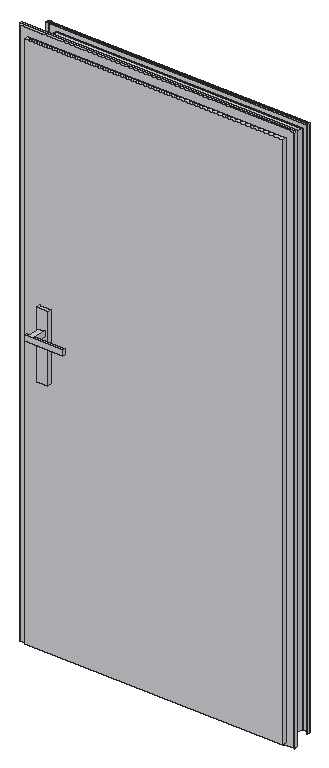
Revit family "ROMA_podwojne_St", category Drzwi, Revit 2016
Family settings
  Obiekt nadrzędny = Ściana
  Zawsze pionowo = Tak
  Tnij formami wycięć po wczytaniu = Nie
  Współdzielony = Nie
  Punkt obliczania pomieszczeń = Nie
Parameters (values of type "PN 90")
  Wysokość = 2055 mm
  Zakończenie ściany = Wg obiektu nadrzędnego
  URL = "www.porta.com.pl"
  Szerokość = 1000 mm
  Ss = 968 mm
  Sb = 980 mm
  Producent = "PORTA KMI POLAND"  # constant formula
  Description = ""
  Materiał_skrzydło [instance] = none
  Materiał_ościeżnica [instance] = none
  Materiał_klamka [instance] = none
  Konstrukcja analityczna = "<Brak>"
  Informacja = "Własność Porta KMI Poland, wszelkie prawa zastrzeżone."  # constant formula
  Hs = 2030 mm
  Funkcja = Wewnętrzna
Types (3, lengths in mm): name | Szerokość | Ss | Sb
  PN 80 | 900 | 868 | 880
  PN 90 | 1000 | 968 | 980
  PN 100 | 1100 | 1068 | 1080
Reference planes
  plane 1: y = 0
  plane 2 "Środek (Lewa/Prawa)": x = 0
  plane 3 "Lewy": x = -500
  plane 4 "Prawy": x = 500
  plane 5: z = 2055
  plane 6 "Zewnętrzna": y = 75
  plane 7 "Wewnętrzna": y = -75
  plane 8 "skrzydło": y = -57
  plane 9: x = -490
Forms (mm)
  Sweep 1, solid, material <- "Materiał_ościeżnica"
    path in 3D
      loop
        line (-500, -75, 0) -> (-500, -75, 2055) -> (500, -75, 2055) -> (500, -75, 0)
    profile origin (-500, -75, 1027.5) x (0, -1, 0) y (1, 0, 0)
      loop
        arc (9.5, -15) -> (11.268, -14.268) -> (12, -12.5) r 2.5
        line (12, -12.5) -> (12, 22.5)
        arc (12, 22.5) -> (11.268, 24.268) -> (9.5, 25) r 2.5
        line (9.5, 25) -> (-31.505, 25)
        arc (-31.505, 25) -> (-32.212, 25.293) -> (-32.505, 26) r 1
        line (-32.505, 26) -> (-32.505, 34.5)
        arc (-32.505, 34.5) -> (-32.212, 35.207) -> (-31.505, 35.5) r 1
        line (-31.505, 35.5) -> (-24.255, 35.5)
        arc (-24.255, 35.5) -> (-22.005, 37.75) -> (-24.255, 40) r 2.25
        line (-24.255, 40) -> (-89.5, 40)
        arc (-89.5, 40) -> (-91.268, 39.268) -> (-92, 37.5) r 2.5
        line (-92, 37.5) -> (-92, 12.5)
        arc (-92, 12.5) -> (-91.268, 10.732) -> (-89.5, 10) r 2.5
        line (-89.5, 10) -> (-80, 10) -> (-80, 11.2) -> (-89.5, 11.2)
        arc (-89.5, 11.2) -> (-90.419, 11.581) -> (-90.8, 12.5) r 1.3
        line (-90.8, 12.5) -> (-90.8, 37.5)
        arc (-90.8, 37.5) -> (-90.419, 38.419) -> (-89.5, 38.8) r 1.3
        line (-89.5, 38.8) -> (-24.255, 38.8)
        arc (-24.255, 38.8) -> (-23.205, 37.75) -> (-24.255, 36.7) r 1.05
        line (-24.255, 36.7) -> (-31.505, 36.7)
        arc (-31.505, 36.7) -> (-33.06, 36.056) -> (-33.705, 34.5) r 2.2
        line (-33.705, 34.5) -> (-33.705, 26)
        arc (-33.705, 26) -> (-33.06, 24.444) -> (-31.505, 23.8) r 2.2
        line (-31.505, 23.8) -> (9.5, 23.8)
        arc (9.5, 23.8) -> (10.419, 23.419) -> (10.8, 22.5) r 1.3
        line (10.8, 22.5) -> (10.8, -12.5)
        arc (10.8, -12.5) -> (10.419, -13.419) -> (9.5, -13.8) r 1.3
        line (9.5, -13.8) -> (0, -13.8) -> (0, -15) -> (9.5, -15)
Lines and regions (mm)
  Opening 1
    outline origin (-3050, -75, 0) x (1, 0, 0) y (0, 0, 1)
      loop
        line (2550, 0) -> (3550, 0) -> (3550, 2055) -> (2550, 2055) -> (2550, 0)
  symbolic lines, style "DoorsPanelProjection"
    curve 1: line (484, -75, 0) -> (484, -1043, 0)
    curve 2: line (484, -1043, 0) -> (439, -1043, 0)
    curve 3: line (439, -1043, 0) -> (439, -75, 0)
    curve 4: line (439, -75, 0) -> (484, -75, 0)
  symbolic lines, style "Plan Swing"
    curve 5: arc (-484, -75, 0) -> (-200.479, -759.479, 0) -> (484, -1043, 0) r 968
  sketch lines
    curve 6: line (-500, -75, 0) -> (-500, -75, 2055)
    curve 7: line (-500, -75, 2055) -> (500, -75, 2055)
    curve 8: line (500, -75, 2055) -> (500, -75, 0)
Text (mm)
  text "Zewnętrzna" at (-2295.016, 1099.543, 0), in view "Poziom odniesienia"
  text "Zewnętrzna" at (0, 1615.38, 3698.081), in view "Lewy"
  text "Zewnętrzna" at (0, 1036.032, 3874.932), in view "Prawy"
Dimensions and locks
  equal spacing: plane 3 "Lewy", plane 2 "Środek (Lewa/Prawa)", plane 4 "Prawy"
  "Szerokość": plane 3 "Lewy" to plane 4 "Prawy"
  "Wysokość": plane 5 to host wall
  host wall to plane 5 = 2055 mm  (x2)
  locked: plane 6 "Zewnętrzna" to host wall at 0
  locked: plane 7 "Wewnętrzna" to host wall
  "Ss": curve 2 to plane 7 "Wewnętrzna"
  locked: curve 3 to curve 1 at 45
  equal spacing: curve 5, plane 2 "Środek (Lewa/Prawa)", curve 1
  locked: plane 7 "Wewnętrzna" to plane 8 "skrzydło" at 18
  equal spacing: nested 1, plane 2 "Środek (Lewa/Prawa)", nested 1
  locked: nested 1 to level at 8
  locked: plane 3 "Lewy" to plane 9 at 10
  aligned and locked: plane 3 "Lewy" to Opening 1 sketch curve
  aligned and locked: plane 5 to Opening 1 sketch curve  (x2)
  aligned and locked: Opening 1 sketch curve to plane 4 "Prawy"
  aligned and locked: Opening 1 sketch curve to level
  aligned and locked: plane 1 to host wall
  aligned and locked: plane 8 "skrzydło" to nested 1
  aligned and locked: profile plane to Sweep 1 sketch curve
  aligned and locked: plane 9 to Sweep 1 sketch curve
Automatic sketch dimensions
  curve 3 to host wall = 0 mm
  curve 5 to host wall = 0 mm
  Sweep 1 sketch curve to Sweep 1 sketch curve = 0 mm  (x14)
  Sweep 1 sketch curve to Sweep 1 sketch curve = 1.3 mm  (x3)
  Sweep 1 sketch curve to Sweep 1 sketch curve = 9.5 mm  (x2)
  Sweep 1 sketch curve to Sweep 1 sketch curve = 46.295 mm
  Sweep 1 sketch curve to Sweep 1 sketch curve = 1.2 mm
  Sweep 1 sketch curve to Sweep 1 sketch curve = 1 mm  (x2)
  Sweep 1 sketch curve to Sweep 1 sketch curve = 7.25 mm
  Sweep 1 sketch curve to Sweep 1 sketch curve = 31.505 mm
  Sweep 1 sketch curve to Sweep 1 sketch curve = 33.755 mm
  Sweep 1 sketch curve to profile plane = 15 mm
  Sweep 1 sketch curve to Sweep 1 sketch curve = 35 mm
  Sweep 1 sketch curve to Sweep 1 sketch curve = 8.5 mm
  Sweep 1 sketch curve to Sweep 1 sketch curve = 25 mm
Nested families
  nested 1: "ROMA Standard" at (0, -63.5, 0), Materiał_skrzydło_płyta <- "Materiał_skrzydło", Materiał_klamka <- "Materiał_klamka", type "ROMA Standard"
    with Materiał_skrzydło_płyta none, Materiał_klamka none
Definition of nested family "ROMA Standard"
  Parameters
    Ss = 968 mm
    Materiał_skrzydło_płyta [instance] = none
    Materiał_klamka [instance] = none
    Assembly Code = ""
    Hs = 2030 mm
  Reference planes
    plane 1 "Tył": y = 6.5
    plane 2: z = 0
    plane 3 "Środek (Lewa/Prawa)": x = 0
    plane 4 "Lewa": x = -484
    plane 5 "Prawa": x = 484
    plane 6 "Przód": y = -38.5
    plane 7: z = 2038
    plane 8: x = -471
    plane 9: z = 8
    plane 10: x = 471
    plane 11: z = 2025
  Forms (mm)
    Extrusion 1, solid, material <- "Materiał_skrzydło_płyta"
      sketch origin (0, 6.5, 0) x (1, 0, 0) y (0, 0, 1)
        loop
          line (-471, 2025) -> (-471, 8) -> (471, 8) -> (471, 2025) -> (-471, 2025)
      from 0 to 30
    Extrusion 2, solid, material <- "Materiał_skrzydło_płyta"
      sketch origin (0, -38.5, 0) x (-1, 0, 0) y (0, 0, 1)
        loop
          line (484, 2038) -> (-484, 2038) -> (-484, 8) -> (484, 8) -> (484, 2038)
      from 0 to 15
  Lines and regions (mm)
    symbolic lines
      curve 1: line (484, -20, 8) -> (-484, -20, 8)
      curve 2: line (484, -20, 2038) -> (484, -20, 8)
      curve 3: line (-484, -20, 8) -> (-484, -20, 2038)
      curve 4: line (-484, -20, 2038) -> (484, -20, 2038)
  Dimensions and locks
    equal spacing: plane 4 "Lewa", plane 3 "Środek (Lewa/Prawa)", plane 5 "Prawa"
    "Ss": plane 4 "Lewa" to plane 5 "Prawa"
    locked: plane 4 "Lewa" to plane 8 at 13
    locked: plane 9 to level at 8
    "Hs": plane 7 to plane 9
    locked: plane 5 "Prawa" to plane 10 at 13
    locked: plane 8 to nested 1 at 45
    locked: nested 1 to plane 9 at 905
    locked: nested 3 to Extrusion 1 at 45
    locked: plane 9 to nested 3 at 905
    locked: plane 1 "Tył" to plane 6 "Przód" at 45
    locked: plane 7 to plane 11 at 13
    aligned and locked: plane 8 to Extrusion 1 sketch curve
    aligned and locked: Extrusion 1 sketch curve to plane 10
    aligned and locked: plane 9 to Extrusion 1 sketch curve
    aligned and locked: Extrusion 2 sketch curve to plane 9
    aligned and locked: Extrusion 2 sketch curve to plane 7
    aligned and locked: Extrusion 2 to Extrusion 1
    aligned and locked: nested 1 to plane 6 "Przód"
    aligned and locked: Extrusion 2 sketch curve to plane 5 "Prawa"
    aligned and locked: Extrusion 2 sketch curve to plane 4 "Lewa"
    aligned and locked: curve 1 to Extrusion 2
    aligned and locked: curve 2 to Extrusion 2
    aligned and locked: curve 3 to Extrusion 2
    aligned and locked: curve 4 to Extrusion 2
    aligned and locked: plane 3 "Środek (Lewa/Prawa)" to nested 2
    aligned and locked: plane 11 to Extrusion 1 sketch curve
  Automatic sketch dimensions
    curve 2 to plane 5 "Prawa" = 0 mm
    curve 1 to plane 4 "Lewa" = 0 mm
    curve 1 to plane 9 = 0 mm
  Nested families
    nested 1: "KLAMKA" at (-406, -38.5, 1038), Materiał klamki <- "Materiał_klamka", type "KLAMKA"
      with Materiał klamki none
    nested 2: "logo_porta" at (0, 6.5, 110) x (1, 0, 0) z (0, -1, 0), type "logo_porta"
    nested 3: "KLAMKA" at (-406, 6.5, 1038), Materiał klamki <- "Materiał_klamka", type "KLAMKA"
      with Materiał klamki none
  Definition of nested family "KLAMKA"
    Parameters
      Materiał klamki [instance] = none
      Assembly Code = ""
      Default Elevation = 1219.2 mm
    Reference planes
      plane 1 "Center (Front/Back)": y = 0
      plane 2: z = 0
      plane 3 "Center (Left/Right)": x = 0
      plane 4: z = 125
      plane 5: z = -125
      plane 6: x = 20
      plane 7: x = -20
      plane 8: y = -70
      plane 9: y = -60
      plane 10: x = 10
      plane 11: x = -10
      plane 12: x = 120
      plane 13: z = 35
      plane 14: z = 55
      plane 15: y = -15
    Forms (mm)
      Extrusion 1, solid, material <- "Materiał klamki"
        sketch origin (0, 0, 0) x (1, 0, 0) y (0, 0, 1)
          loop
            line (-20, 125) -> (-20, -125) -> (20, -125) -> (20, 125) -> (-20, 125)
        from 0 to 15
      Extrusion 2, solid, material <- "Materiał klamki"
        sketch origin (0, 0, 0) x (1, 0, 0) y (0, 1, 0)
          loop
            line (-10, -15) -> (-10, -60) -> (-20, -60) -> (-20, -70) -> (120, -70) -> (120, -60) -> (10, -60) -> (10, -15) -> (-10, -15)
        from 35 to 55
    Dimensions and locks
      equal spacing: plane 4, plane 2, plane 5
      plane 4 to plane 5 = 250 mm
      equal spacing: plane 7, plane 3 "Center (Left/Right)", plane 6
      plane 7 to plane 6 = 40 mm
      plane 8 to plane 1 "Center (Front/Back)" = 70 mm
      plane 11 to plane 3 "Center (Left/Right)" to plane 10 = 10 mm locked, 10 mm locked
      plane 7 to plane 12 = 140 mm
      plane 15 to plane 1 "Center (Front/Back)" = 15 mm
      aligned and locked: plane 7 to Extrusion 1 sketch curve
      aligned and locked: Extrusion 1 sketch curve to plane 4
      aligned and locked: plane 5 to Extrusion 1 sketch curve
      aligned and locked: Extrusion 1 sketch curve to plane 6
      aligned and locked: plane 15 to Extrusion 1
      aligned and locked: Extrusion 1 to plane 1 "Center (Front/Back)"
      aligned and locked: plane 14 to Extrusion 2
      aligned and locked: Extrusion 2 to plane 13
    Automatic sketch dimensions
      Extrusion 2 sketch curve to plane 7 = 0 mm
      Extrusion 2 sketch curve to plane 9 = 0 mm  (x2)
      Extrusion 2 sketch curve to plane 11 = 0 mm
      Extrusion 2 sketch curve to plane 10 = 0 mm
      Extrusion 2 sketch curve to plane 12 = 0 mm
      Extrusion 2 sketch curve to plane 8 = 0 mm
      Extrusion 2 sketch curve to plane 15 = 0 mm
  Definition of nested family "logo_porta"
    Reference planes
      plane 1 "Środek (Przód/Tył)": y = 0
      plane 2: z = 0
      plane 3 "Środek (Lewa/Prawa)": x = 0
